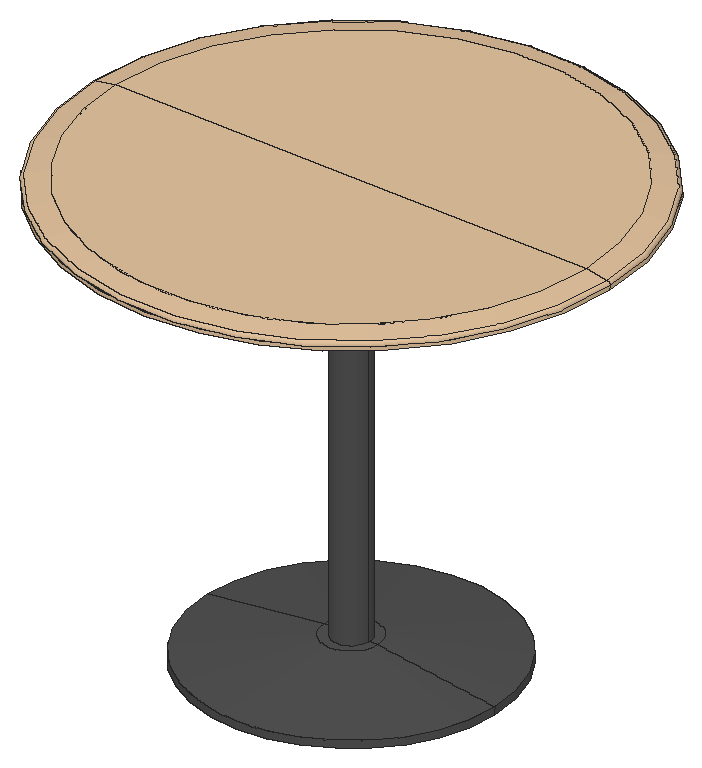
Revit family "M_Mesa-Redonda", category Mobiliário, Revit 2019
Family settings
  Número OmniClass = 23.40.20.14.17
  Título OmniClass = Residential Tables and Cabinets
  ID de item do Seek = Table-Round-0000-CAN-ENU
  Com base no plano de trabalho = Não
  Sempre na vertical = Sim
  Corte com vazios quando carregada = Não
  Compartilhado = Sim
  Ponto de cálculo do ambiente = Não
Parameters (values of type "0915 mm Diâmetro")
  Material base = Aço, Cromo polido
  Raio base = 254.00 mm
  Altura = 762.00 mm
  Raio = 457.00 mm
  Material superior = Bétula
Types (4, lengths in mm): name | Raio base | Raio
  (no name) | 254.00 | 457.00
  0915 mm Diâmetro | 254.00 | 457.00
  1067 mm Diâmetro | 254.00 | 533.00
  1220 mm Diâmetro | 305.00 | 610.00
Reference planes
  plane 1 "Centro (Frente/Trás)": y = 0
  plane 2: z = 0
  plane 3 "Centro (Esquerda/Direita)": x = 0
  plane 4: z = 762
Forms (mm)
  Extrusion 1, solid, material "Aço, Cromo polido" <- "Material base"
    sketch origin (0, 0, 38.1) x (1, 0, 0) y (0, 1, 0)
      loop
        circle (0, 0) r 31.75
    from 0 to 704.85
  Revolve 2, solid, material "Aço, Cromo polido" <- "Material base"
    sketch origin (0, 0, 0) x (1, 0, 0) y (0, 0, 1)
      loop
        line (0, 0) -> (0, 38.1) -> (-47.625, 38.1) -> (-254, 12.7) -> (-254, 0) -> (0, 0)
      axis (0, 38.1) -> (0, 0)
    angle from 0 to 360
  Revolve 3, solid, material "Bétula" <- "Material superior"
    sketch origin (0, 0, 0) x (1, 0, 0) y (0, 0, 1)
      loop
        line (0, 742.95) -> (0, 762) -> (-415.101, 762) -> (-451.753, 755.537)
        arc (-451.753, 755.537) -> (-455.514, 753.366) -> (-457, 749.284) r 6.35
        line (-457, 749.284) -> (-457, 742.95) -> (0, 742.95)
      axis (0, 762) -> (0, 742.95)
    angle from 0 to 360
Lines and regions (mm)
  Masking region 1
    outline origin (0, 0, 0) x (1, 0, 0) y (0, 1, 0)
      loop
        circle (0, 0) r 457
  symbolic lines
    curve 1: arc (-415.101, 0, 0) -> (0, 415.101, 0) -> (415.101, 0, 0) r 415.101
    curve 2: arc (415.101, 0, 0) -> (0, -415.101, 0) -> (-415.101, 0, 0) r 415.101
Dimensions and locks
  "Altura": plane 4 to plane 2
  "Raio base": plane 3 "Centro (Esquerda/Direita)" to Revolve 2 sketch curve
  "Raio": plane 3 "Centro (Esquerda/Direita)" to Revolve 3 sketch curve
  aligned and locked: Extrusion 1 to Revolve 3
  aligned and locked: Masking region 1 sketch curve to Revolve 3
  aligned and locked: curve 1 to Revolve 3
  aligned: curve 2 to Revolve 3
Automatic sketch dimensions
  Extrusion 1 sketch curve to plane 1 "Centro (Frente/Trás)" = 0.00 mm
  Extrusion 1 sketch curve to plane 3 "Centro (Esquerda/Direita)" = 0.00 mm
  Extrusion 1 sketch curve to plane 3 "Centro (Esquerda/Direita)" = 31.75 mm
  Revolve 2 sketch curve to level = 0.00 mm
  Revolve 2 sketch curve to plane 3 "Centro (Esquerda/Direita)" = 0.00 mm  (x2)
  Revolve 2 sketch curve to plane 3 "Centro (Esquerda/Direita)" = 47.625 mm
  level to Revolve 2 sketch curve = 12.70 mm
  Revolve 2 sketch curve to level = 38.10 mm
  level to Revolve 2 sketch curve = 38.10 mm
  Revolve 2 sketch curve to Revolve 2 sketch curve = 177.80 mm
  Revolve 3 sketch curve to plane 4 = 0.00 mm
  Revolve 3 sketch curve to plane 3 "Centro (Esquerda/Direita)" = 0.00 mm  (x2)
  plane 4 to Revolve 3 sketch curve = 12.716 mm
  Revolve 3 sketch curve to Revolve 3 sketch curve = 35.549 mm
  plane 4 to Revolve 3 sketch curve = 6.463 mm
  Revolve 3 sketch curve to Revolve 3 sketch curve = 1.103 mm
  plane 4 to Revolve 3 sketch curve = 19.05 mm
  Revolve 3 sketch curve to Revolve 3 sketch curve = 107.95 mm
  Revolve 3 sketch curve to plane 4 = 76.20 mm
